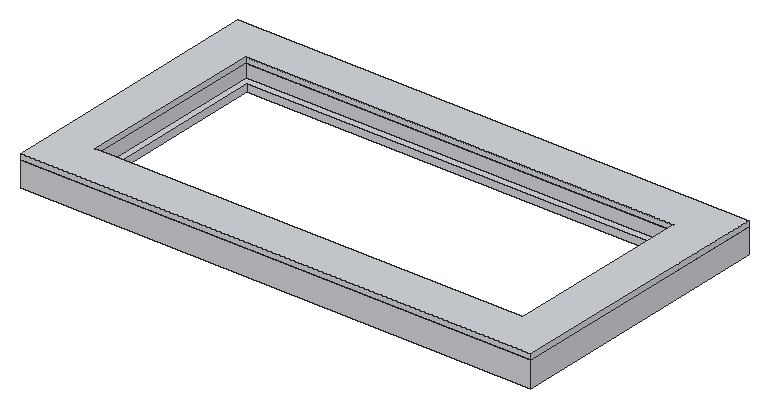
Revit family "Gira_100229", category Electrical Fixtures, host Face, Revit 2017
Family settings
  Host = Face
  Maintain Annotation Orientation = No
  Round Connector Dimension = Use Diameter
  Part Type = Normal
  Cut with Voids When Loaded = No
  Shared = No
  Room Calculation Point = No
Parameters (values of type "Abdeckrahmen 2f o.M. Gira E2 Reinweiß")
  Werkstoffgüte = "Thermoplast"
  Werkstoff = "Kunststoff"
  URL = "http://katalog.gira.de/de_DE/datenblatt.html?artikelnr=100229"
  Transparent = "No"
  Textfeld/Beschriftungsfläche = "No"
  Schutzart (IP) = "IP20"
  Region = "DE"
  RAL-Nummer (ähnlich) = "9010 "
  Oberfläche = "sonstige"
  Name = "Abdeckrahmen 2f o.M. Gira E2 Reinweiß"
  Montagerichtung = "horizontal und vertikal"
  Mit Montagerahmen = "No"
  Mit Klappdeckel = "No"
  Manufacturer URL = "https://www.gira.de/"
  Keynote = "E2_Rahmen_2fach o.Mittelsteg"
  HeinzeBIM = "https://bimportal.heinze.de/bim/abdeckrahmen-2f-o-m-gira-e2-reinweiss/ba278492dfd1ed698fe09b3331c25a7c91420f8b"
  Halogenfrei = "Yes"
  HAN = "100229"
  Geeignet für Unterputz-Installation = "Yes"
  Geeignet für Unterflurkanaldose = "No"
  Geeignet für Geräteeinbaukanal = "No"
  Geeignet für Einbauinstallation = "No"
  GTIN = "4010337001553"
  Farbe = "weiß"
  Default Elevation = 1219.2 mm
  Data sheet (1) = "https://katalog.gira.de/de_DE/download.html?artikelnr=100229"
  Category = "Abdeckrahmen"
  Befestigungsart = "Klemmbefestigung"
  Available = "Yes"
  Ausführung der Oberfläche = "glänzend"
  Anzahl der Einheiten vertikal = "2 "
  Anzahl der Einheiten horizontal = "2 "
  Anzahl der Einheiten = "2 "
Reference planes
  plane 1 "Center (Front/Back)": y = 0
  plane 2: z = 0
  plane 3 "Center (Left/Right)": x = 0
Forms (mm)
  Extrusion 1, solid, detail levels fine
    sketch origin (0, 0, 0) x (1, 0, 0) y (0, 1, 0)
      loop
        line (-75.95, 40.4) -> (-75.95, -40.4) -> (75.95, -40.4) -> (75.95, 40.4) -> (-75.95, 40.4)
      loop
        line (-63.602, -28.052) -> (63.602, -28.052) -> (63.602, 28.052) -> (-63.602, 28.052) -> (-63.602, -28.052)
    from 7.7 to 9.3
  Extrusion 2, solid, detail levels fine
    sketch origin (0, 0, 0) x (1, 0, 0) y (0, 1, 0)
      loop
        line (-75.95, 40.4) -> (-75.95, -40.4) -> (75.95, -40.4) -> (75.95, 40.4) -> (-75.95, 40.4)
      loop
        line (-74.148, -38.598) -> (74.148, -38.598) -> (74.148, 38.598) -> (-74.148, 38.598) -> (-74.148, -38.598)
    from 0 to 7.7
  Extrusion 3, solid, detail levels fine
    sketch origin (0, 0, 0) x (1, 0, 0) y (0, 1, 0)
      loop
        line (-61.45, -25.7) -> (61.451, -25.7) -> (61.451, 25.701) -> (-61.45, 25.701) -> (-61.45, -25.7)
      loop
        line (-63.602, 28.052) -> (-63.602, -28.052) -> (63.602, -28.052) -> (63.602, 28.052) -> (-63.602, 28.052)
    from 1.8 to 3.8
  Extrusion 4, solid, detail levels fine
    sketch origin (0, 0, 0) x (1, 0, 0) y (0, 1, 0)
      loop
        line (-63.602, -28.052) -> (63.602, -28.052) -> (63.602, 28.052) -> (-63.602, 28.052) -> (-63.602, -28.052)
      loop
        spline (65.089, 27.539) -> (65.072, 27.8) -> (65.021, 28.057) -> (64.937, 28.305) -> (64.821, 28.539) -> (64.676, 28.757) -> (64.504, 28.954) -> (64.307, 29.126) -> (64.089, 29.271) -> (63.855, 29.387) -> (63.607, 29.471) -> (63.35, 29.522) -> (63.089, 29.539)
        line (63.089, 29.539) -> (-63.089, 29.539)
        spline (-63.089, 29.539) -> (-63.35, 29.522) -> (-63.607, 29.471) -> (-63.855, 29.387) -> (-64.089, 29.271) -> (-64.307, 29.126) -> (-64.504, 28.954) -> (-64.676, 28.757) -> (-64.821, 28.539) -> (-64.937, 28.305) -> (-65.021, 28.057) -> (-65.072, 27.8) -> (-65.089, 27.539)
        line (-65.089, 27.539) -> (-65.089, -27.539)
        spline (-65.089, -27.539) -> (-65.072, -27.8) -> (-65.021, -28.057) -> (-64.937, -28.305) -> (-64.821, -28.539) -> (-64.676, -28.757) -> (-64.504, -28.954) -> (-64.307, -29.126) -> (-64.089, -29.271) -> (-63.855, -29.387) -> (-63.607, -29.471) -> (-63.35, -29.522) -> (-63.089, -29.539)
        line (-63.089, -29.539) -> (63.089, -29.539)
        spline (63.089, -29.539) -> (63.35, -29.522) -> (63.607, -29.471) -> (63.855, -29.387) -> (64.089, -29.271) -> (64.307, -29.126) -> (64.504, -28.954) -> (64.676, -28.757) -> (64.821, -28.539) -> (64.937, -28.305) -> (65.021, -28.057) -> (65.072, -27.8) -> (65.089, -27.539)
        line (65.089, -27.539) -> (65.089, 27.539)
    from 1.8 to 7.7
  Extrusion 5, solid, detail levels coarse+medium
    sketch origin (0, 0, 0) x (1, 0, 0) y (0, 1, 0)
      loop
        line (-75.95, 40.4) -> (-75.95, -40.4) -> (75.95, -40.4) -> (75.95, 40.4) -> (-75.95, 40.4)
    from 0 to 9.3
Dimensions and locks
  aligned and locked: plane 2 to host face
  aligned and locked: level to host face
